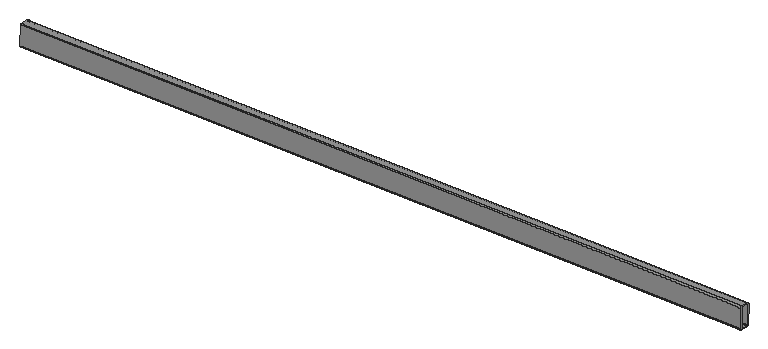
Revit family "63W1.5x3.5 Web", category Structural Framing, Revit 2020
Family settings
  Section Shape = Not Defined
  Material for Model Behavior = Steel
  Always export as geometry = No
  OmniClass Number = 23.25.30.11.14.14
  OmniClass Title = Beams
  Always vertical = Yes
  Cut with Voids When Loaded = No
  Symbolic Representation = From Family
  Shared = No
  Show family pre-cut in plan views = Yes
Parameters
  Weight lbs per ft [instance] = 2.0909
  URL = "https://www.trussteel.com/details_files/pdf/ts010.pdf"
  Total Member Weight lbs [instance] = Length / 1' 0" * Weight lbs per ft  # 20.909
  Structural Material = ASTM A500 Grade A Modified Fy 45 ksi
  Steel Design Thickness (in) [instance] = 0.065
  Model = "63W1.5x3.5"
  Manufacturer = "TrusSteel"
  Length [instance] = 10' - 0"
  Fy (ksi) [instance] = 45
  Fu (ksi) [instance] = 55
  Description = "Tube Web"
  Cross Section Area (in2) [instance] = 0.615
  Beam Height = 0' - 3 1/2"
  Beam Width = 0' - 1 1/2"
Reference planes (in)
  plane 1 "Center (Front/Back)": y = 0
  plane 2 "Center El.": z = 0
  plane 3 "Center (Left/Right)": x = 0
  plane 4 "Left": x = -60
  plane 5 "Right": x = 60
Forms (in)
  Extrusion 1, solid, material "ASTM A500 Grade A Modified Fy 45 ksi" <- "Structural Material"
    sketch origin (0, 0, 0) x (0, 1, 0) y (0, 0, 1)
      loop
        arc (-0.563, 1.75) -> (-0.69523, 1.69523) -> (-0.75, 1.563) r 0.187
        line (-0.75, 1.563) -> (-0.75, -1.563)
        arc (-0.75, -1.563) -> (-0.69523, -1.69523) -> (-0.563, -1.75) r 0.187
        line (-0.563, -1.75) -> (0.563, -1.75)
        arc (0.563, -1.75) -> (0.69523, -1.69523) -> (0.75, -1.563) r 0.187
        line (0.75, -1.563) -> (0.75, 1.563)
        arc (0.75, 1.563) -> (0.69523, 1.69523) -> (0.563, 1.75) r 0.187
        line (0.563, 1.75) -> (-0.563, 1.75)
      loop
        line (0.563, 1.685) -> (-0.563, 1.685)
        arc (-0.563, 1.685) -> (-0.64927, 1.64927) -> (-0.685, 1.563) r 0.122
        line (-0.685, 1.563) -> (-0.685, -1.563)
        arc (-0.685, -1.563) -> (-0.64927, -1.64927) -> (-0.563, -1.685) r 0.122
        line (-0.563, -1.685) -> (0.563, -1.685)
        arc (0.563, -1.685) -> (0.64927, -1.64927) -> (0.685, -1.563) r 0.122
        line (0.685, -1.563) -> (0.685, 1.563)
        arc (0.685, 1.563) -> (0.64927, 1.64927) -> (0.563, 1.685) r 0.122
    from -60 to 60
Dimensions and locks (in)
  equal spacing: plane 4 "Left", plane 3 "Center (Left/Right)", plane 5 "Right"
  "Length": plane 4 "Left" to plane 5 "Right"
  "Beam Width": Extrusion 1 to Extrusion 1
  "Beam Height": Extrusion 1 to Extrusion 1
  aligned and locked: level to plane 2 "Center El."
  aligned and locked: plane 4 "Left" to Extrusion 1
  aligned and locked: Extrusion 1 to plane 5 "Right"
Automatic sketch dimensions
  plane 1 "Center (Front/Back)" to Extrusion 1 sketch curve = 0' - 0 3/4"
  Extrusion 1 sketch curve to Extrusion 1 sketch curve = 0' - 0.187"  (x3)
  Extrusion 1 sketch curve to plane 1 "Center (Front/Back)" = 0' - 0.563"  (x2)
  Extrusion 1 sketch curve to level = 0' - 1 3/4"
  level to Extrusion 1 sketch curve = 0' - 1.563"
  Extrusion 1 sketch curve to Extrusion 1 sketch curve = 0' - 0"  (x7)
  Extrusion 1 sketch curve to Extrusion 1 sketch curve = 0' - 0.065"
